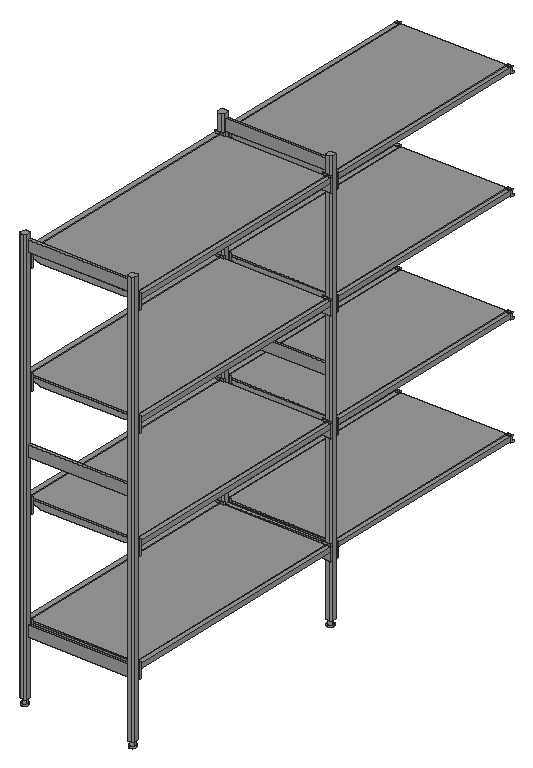
Revit family "QF_ZANUSSI_137083_CLS1928", category Attrezzature speciali, Revit 2020
Family settings
  Quota connettore circolare = Usa diametro
  Tipo di parte = Normale
  Basato su piano di lavoro = No
  Sempre verticale = Sì
  Taglio con vuoti quando caricato = No
  Condiviso = No
  Punto di calcolo locali = No
Parameters (values of type "Standard")
  Weight = 35.00 kg
  Watts = 0 W
  Volts = 0 V
  URL Manufacturer = "http://www.zanussiprofessional.com"
  URL = "http://www.zanussiprofessional.com"
  Steam Supply Size = 0 mm
  Steam Supply Minimum Pressure = 0.0 Pa
  Steam Supply Maximum Pressure = 0.0 Pa
  Steam Consumption per Hour = 0
  Refrigeration Suction Line Size = 0.0 mm
  Refrigeration Liquid Line Size = 0.0 mm
  Refrigerant Compressor Remote = yes
  Prospetto di default = 0.0 mm
  Phase = 0
  Modello = "CLS1928"
  Produttore = "Zanussi"
  Length Actual = 1932.0 mm  # constant formula
  Item Number = "137083"
  Hot Water Size = 0 mm
  Height Actual = 1700.0 mm  # constant formula
  HP = "0 HP"
  Gas Size = 0 mm
  Gas KW = 0
  Gas Input Pressure = 0 W
  Direct Waste Size = 0 mm
  Descrizione = "ALUM.CORNER SHELV.-POLY.TIERS-475X1932MM"
  Depth Actual = 475.0 mm  # constant formula
  Cycle = 0 Hz
  Condensate Return Size = 0 mm
  Compressed Air Volume = 0.0 L/s
  Compressed Air Size = 0 mm
  Compressed Air Pressure = 0.0 Pa
  Cold Water Size = 0 mm
  Accessory = yes
Reference planes
  plane 1: z = 0
  plane 2 "CenterLeft": y = -535.5
  plane 3 "FRONT": y = -921.5
  plane 4 "LEFT": x = 192.5
  plane 5 "RIGHT": x = 667.5
  plane 6 "TOP": z = 1700
  plane 7: y = -889.5
  plane 8: y = 84.5
  plane 9 "Center (Left/Back)": x = 430
  plane 10: x = 256
  plane 11: x = 668
  plane 12 "FEET": z = 25
  plane 13: z = 275
  plane 14: z = 725
  plane 15: z = 1175
  plane 16: z = 1625
  plane 17 "CXLeft": y = -907.5
  plane 18 "Center (Front/Back)": y = 102.5
  plane 19 "CYFront": x = 510
  plane 20: y = 1006.5
  plane 21: y = 120.5
  plane 22 "BACK": y = 1010.5
  plane 23 "LEFT_ORIGIN": x = 158.5
  plane 24 "BACK_ORIGIN": y = 1485.5
Forms (mm)
  Extrusion 1, solid, material "QF_Aluminum"
    sketch origin (38.022, -921.5, -4.006) x (-1, 0, 0) y (0, 0, 1)
      loop
        line (-189.5, 1637.003) -> (-173.5, 1637.003) -> (-173.5, 1655) -> (-175.493, 1655) -> (-175.493, 1648.501) -> (-608.5, 1648.501) -> (-608.5, 1655) -> (-610.5, 1655) -> (-610.5, 1637.003) -> (-594.5, 1637.003) -> (-560.5, 1625) -> (-223.5, 1625) -> (-189.5, 1637.003)
      loop
        line (-189.5, 1187.003) -> (-173.5, 1187.003) -> (-173.5, 1205) -> (-175.493, 1205) -> (-175.493, 1198.501) -> (-608.5, 1198.501) -> (-608.5, 1205) -> (-610.5, 1205) -> (-610.5, 1187.003) -> (-594.5, 1187.003) -> (-560.5, 1175) -> (-223.5, 1175) -> (-189.5, 1187.003)
      loop
        line (-189.5, 737.003) -> (-173.5, 737.003) -> (-173.5, 755) -> (-175.493, 755) -> (-175.493, 748.501) -> (-608.5, 748.501) -> (-608.5, 755) -> (-610.5, 755) -> (-610.5, 737.003) -> (-594.5, 737.003) -> (-560.5, 725) -> (-223.5, 725) -> (-189.5, 737.003)
      loop
        line (-189.5, 287.003) -> (-173.5, 287.003) -> (-173.5, 305) -> (-175.493, 305) -> (-175.493, 298.501) -> (-608.5, 298.501) -> (-608.5, 305) -> (-610.5, 305) -> (-610.5, 287.003) -> (-594.5, 287.003) -> (-560.5, 275) -> (-223.5, 275) -> (-189.5, 287.003)
    from 37 to 32
  Extrusion 2, solid, material "QF_Aluminum"
    sketch origin (38.022, -921.5, 0) x (-1, 0, 0) y (0, 0, 1)
      loop
        line (-154.478, 246.005) -> (-154.478, 307.993) -> (-190.471, 307.993) -> (-190.471, 246.005) -> (-154.478, 246.005)
      loop
        line (-593.484, 246.005) -> (-593.484, 307.993) -> (-629.478, 307.993) -> (-629.478, 246.005) -> (-593.484, 246.005)
      loop
        line (-154.478, 696.005) -> (-154.478, 757.993) -> (-190.471, 757.993) -> (-190.471, 696.005) -> (-154.478, 696.005)
      loop
        line (-593.484, 696.005) -> (-593.484, 757.993) -> (-629.478, 757.993) -> (-629.478, 696.005) -> (-593.484, 696.005)
      loop
        line (-154.478, 1146.005) -> (-154.478, 1207.993) -> (-190.471, 1207.993) -> (-190.471, 1146.005) -> (-154.478, 1146.005)
      loop
        line (-593.484, 1146.005) -> (-593.484, 1207.993) -> (-629.478, 1207.993) -> (-629.478, 1146.005) -> (-593.484, 1146.005)
      loop
        line (-154.478, 1596.005) -> (-154.478, 1657.993) -> (-190.471, 1657.993) -> (-190.471, 1596.005) -> (-154.478, 1596.005)
      loop
        line (-593.484, 1596.005) -> (-593.484, 1657.993) -> (-629.478, 1657.993) -> (-629.478, 1596.005) -> (-593.484, 1596.005)
    from 28 to 32
  Extrusion 3, solid, material "QF_Aluminum"
    sketch origin (38.022, -921.5, 0) x (-1, 0, 0) y (0, 0, 1)
      loop
        line (-154.5, 1650.994) -> (-173.5, 1650.994) -> (-173.5, 1632.998) -> (-154.5, 1632.998) -> (-154.5, 1650.994)
      loop
        line (-154.5, 1200.994) -> (-173.5, 1200.994) -> (-173.5, 1182.998) -> (-154.5, 1182.998) -> (-154.5, 1200.994)
      loop
        line (-154.5, 750.994) -> (-173.5, 750.994) -> (-173.5, 732.998) -> (-154.5, 732.998) -> (-154.5, 750.994)
      loop
        line (-154.5, 300.994) -> (-173.5, 300.994) -> (-173.5, 282.998) -> (-154.5, 282.998) -> (-154.5, 300.994)
      loop
        line (-629.455, 1650.994) -> (-629.455, 1632.998) -> (-610.455, 1632.998) -> (-610.455, 1650.994) -> (-629.455, 1650.994)
      loop
        line (-629.455, 1200.994) -> (-629.455, 1182.998) -> (-610.455, 1182.998) -> (-610.455, 1200.994) -> (-629.455, 1200.994)
      loop
        line (-629.455, 750.994) -> (-629.455, 732.998) -> (-610.455, 732.998) -> (-610.455, 750.994) -> (-629.455, 750.994)
      loop
        line (-629.455, 300.994) -> (-629.455, 282.998) -> (-610.455, 282.998) -> (-610.455, 300.994) -> (-629.455, 300.994)
    from 32 to 1006
  Extrusion 4, solid, material "QF_Polyethylene"
    sketch origin (38.022, -921.5, 0) x (-1, 0, 0) y (0, 0, 1)
      loop
        line (-175.493, 1650.994) -> (-608.5, 1650.994) -> (-608.5, 1644.496) -> (-175.493, 1644.496) -> (-175.493, 1650.994)
      loop
        line (-175.493, 1200.994) -> (-608.5, 1200.994) -> (-608.5, 1194.496) -> (-175.493, 1194.496) -> (-175.493, 1200.994)
      loop
        line (-175.493, 750.994) -> (-608.5, 750.994) -> (-608.5, 744.496) -> (-175.493, 744.496) -> (-175.493, 750.994)
      loop
        line (-175.493, 300.994) -> (-608.5, 300.994) -> (-608.5, 294.496) -> (-175.493, 294.496) -> (-175.493, 300.994)
    from 32 to 1006
  Extrusion 5, solid, material "QF_Aluminum"
    sketch origin (38.022, 684.5, 0) x (-1, 0, 0) y (0, 0, 1)
      loop
        line (-154.5, 1650.994) -> (-173.5, 1650.994) -> (-173.5, 1632.998) -> (-154.5, 1632.998) -> (-154.5, 1650.994)
      loop
        line (-610.455, 1650.994) -> (-629.455, 1650.994) -> (-629.455, 1632.998) -> (-610.455, 1632.998) -> (-610.455, 1650.994)
      loop
        line (-154.5, 1200.994) -> (-173.5, 1200.994) -> (-173.5, 1182.998) -> (-154.5, 1182.998) -> (-154.5, 1200.994)
      loop
        line (-610.455, 1200.994) -> (-629.455, 1200.994) -> (-629.455, 1182.998) -> (-610.455, 1182.998) -> (-610.455, 1200.994)
      loop
        line (-154.5, 750.994) -> (-173.5, 750.994) -> (-173.5, 732.998) -> (-154.5, 732.998) -> (-154.5, 750.994)
      loop
        line (-610.455, 750.994) -> (-629.455, 750.994) -> (-629.455, 732.998) -> (-610.455, 732.998) -> (-610.455, 750.994)
      loop
        line (-154.5, 300.994) -> (-173.5, 300.994) -> (-173.5, 282.998) -> (-154.5, 282.998) -> (-154.5, 300.994)
      loop
        line (-610.455, 300.994) -> (-629.455, 300.994) -> (-629.455, 282.998) -> (-610.455, 282.998) -> (-610.455, 300.994)
    from 322 to -564
  Extrusion 6, solid, material "QF_Polyethylene"
    sketch origin (38.022, 684.5, 0) x (-1, 0, 0) y (0, 0, 1)
      loop
        line (-175.493, 1650.994) -> (-608.5, 1650.994) -> (-608.5, 1644.496) -> (-175.493, 1644.496) -> (-175.493, 1650.994)
      loop
        line (-175.493, 1200.994) -> (-608.5, 1200.994) -> (-608.5, 1194.496) -> (-175.493, 1194.496) -> (-175.493, 1200.994)
      loop
        line (-175.493, 750.994) -> (-608.5, 750.994) -> (-608.5, 744.496) -> (-175.493, 744.496) -> (-175.493, 750.994)
      loop
        line (-175.493, 300.994) -> (-608.5, 300.994) -> (-608.5, 294.496) -> (-175.493, 294.496) -> (-175.493, 300.994)
    from 322 to -564
Lines and regions (mm)
  symbolic lines
    curve 1: line (256, -912.5, 1700) -> (668, -912.5, 1700)
    curve 2: line (668, -902.5, 1700) -> (256, -902.5, 1700)
    curve 3: line (192.5, -893.5, 1700) -> (192.5, 88.5, 1700)
    curve 4: line (667.5, -889.5, 1700) -> (667.5, 84.5, 1700)
    curve 5: line (192.5, 116.5, 1700) -> (192.5, 1010.5, 1700)
    curve 6: line (667.5, 116.5, 1700) -> (667.5, 1010.5, 1700)
    curve 7: line (648.478, 84.5, 1700) -> (648.478, -889.5, 1700)
    curve 8: line (211.522, -889.5, 1700) -> (211.522, 84.5, 1700)
    curve 9: line (211.522, 120.5, 1700) -> (211.522, 1006.5, 1700)
    curve 10: line (648.478, 1006.5, 1700) -> (648.478, 120.5, 1700)
Dimensions and locks
  plane 3 "FRONT" to plane 2 "CenterLeft" = 386.0 mm
  locked: plane 6 "TOP" to level at 1700
  locked: plane 7 to plane 8 at 974
  locked: plane 10 to plane 11 at 412
  plane 10 to plane 9 "Center (Left/Back)" to plane 11 = 174.0 mm, 238.0 mm
  equal spacing: plane 4 "LEFT", plane 9 "Center (Left/Back)", plane 5 "RIGHT"
  plane 12 "FEET" to level = 25.0 mm
  plane 6 "TOP" to plane 12 "FEET" = 1675.0 mm
  plane 13 to plane 12 "FEET" = 250.0 mm
  plane 14 to plane 13 = 450.0 mm
  plane 15 to plane 14 = 450.0 mm
  plane 16 to plane 15 = 450.0 mm
  locked: plane 21 to plane 20 at 886
  locked: plane 8 to plane 18 "Center (Front/Back)" at 18
  locked: plane 18 "Center (Front/Back)" to plane 21 at 18
  locked: plane 3 "FRONT" to plane 7 at 32
  locked: plane 4 "LEFT" to plane 5 "RIGHT" at 475
  locked: plane 23 "LEFT_ORIGIN" to plane 5 "RIGHT" at 509
  locked: plane 22 "BACK" to plane 24 "BACK_ORIGIN" at 475
  locked: plane 22 "BACK" to plane 3 "FRONT" at 1932
  aligned and locked: level to plane 1
  aligned and locked: Extrusion 1 to plane 7
  aligned and locked: plane 7 to Extrusion 2
  aligned and locked: Extrusion 4 to plane 7
  aligned and locked: plane 8 to Extrusion 4
  aligned and locked: Extrusion 3 to plane 7
  aligned and locked: plane 8 to Extrusion 3
  aligned and locked: Extrusion 1 sketch curve to Extrusion 1 sketch curve  (x3)
  aligned and locked: Extrusion 5 sketch curve to Extrusion 5 sketch curve  (x2)
  aligned and locked: Extrusion 5 to plane 21  (x5)
  aligned and locked: Extrusion 6 to plane 21  (x5)
  aligned and locked: nested 2 to plane 18 "Center (Front/Back)"
  aligned and locked: plane 17 "CXLeft" to nested 1
  aligned and locked: plane 7 to Extrusion 3  (x3)
  aligned and locked: Extrusion 3 to plane 8  (x4)
  aligned and locked: Extrusion 4 to plane 8  (x4)
  aligned and locked: plane 20 to Extrusion 5
  aligned and locked: plane 20 to Extrusion 6
  aligned and locked: Extrusion 5 to plane 20  (x3)
  aligned and locked: Extrusion 6 to plane 20  (x3)
  aligned and locked: plane 9 "Center (Left/Back)" to nested 2
  aligned and locked: nested 3 to plane 22 "BACK"
Automatic sketch dimensions
  Extrusion 1 sketch curve to plane 19 "CYFront" = 138.522 mm  (x4)
  plane 11 to Extrusion 1 sketch curve = 35.478 mm  (x4)
  Extrusion 1 sketch curve to plane 13 = 4.006 mm
  Extrusion 1 sketch curve to Extrusion 1 sketch curve = 34.0 mm  (x4)
  Extrusion 1 sketch curve to plane 14 = 4.006 mm
  Extrusion 1 sketch curve to plane 15 = 4.006 mm
  Extrusion 1 sketch curve to plane 16 = 4.006 mm
  Extrusion 1 sketch curve to plane 10 = 5.522 mm  (x4)
  plane 10 to Extrusion 1 sketch curve = 28.478 mm  (x4)
  plane 13 to Extrusion 1 sketch curve = 7.998 mm  (x2)
  Extrusion 1 sketch curve to Extrusion 1 sketch curve = 11.498 mm  (x4)
  Extrusion 1 sketch curve to Extrusion 1 sketch curve = 6.499 mm  (x8)
  plane 14 to Extrusion 1 sketch curve = 7.998 mm  (x2)
  plane 15 to Extrusion 1 sketch curve = 7.998 mm  (x2)
  plane 16 to Extrusion 1 sketch curve = 7.998 mm  (x2)
  plane 5 "RIGHT" to Extrusion 2 sketch curve = 35.993 mm  (x4)
  Extrusion 2 sketch curve to plane 4 "LEFT" = 0.0 mm  (x4)
  plane 11 to Extrusion 2 sketch curve = 0.5 mm  (x4)
  plane 10 to Extrusion 2 sketch curve = 27.507 mm  (x4)
  Extrusion 2 sketch curve to plane 13 = 28.995 mm  (x2)
  plane 13 to Extrusion 2 sketch curve = 32.993 mm  (x2)
  Extrusion 2 sketch curve to plane 14 = 28.995 mm  (x2)
  plane 14 to Extrusion 2 sketch curve = 32.993 mm  (x2)
  Extrusion 2 sketch curve to plane 15 = 28.995 mm  (x2)
  plane 15 to Extrusion 2 sketch curve = 32.993 mm  (x2)
  Extrusion 2 sketch curve to plane 16 = 28.995 mm  (x2)
  plane 16 to Extrusion 2 sketch curve = 32.993 mm  (x2)
  plane 13 to Extrusion 4 sketch curve = 19.496 mm
  Extrusion 4 sketch curve to Extrusion 4 sketch curve = 6.499 mm  (x4)
  plane 14 to Extrusion 4 sketch curve = 19.496 mm
  plane 15 to Extrusion 4 sketch curve = 19.496 mm
  plane 16 to Extrusion 4 sketch curve = 19.496 mm
  plane 5 "RIGHT" to Extrusion 5 sketch curve = 0.022 mm  (x4)
  Extrusion 5 sketch curve to plane 4 "LEFT" = 19.022 mm  (x4)
  Extrusion 5 sketch curve to plane 19 "CYFront" = 138.478 mm  (x2)
  plane 13 to Extrusion 5 sketch curve = 7.998 mm  (x2)
  Extrusion 5 sketch curve to Extrusion 5 sketch curve = 17.997 mm  (x8)
  plane 14 to Extrusion 5 sketch curve = 7.998 mm  (x2)
  plane 15 to Extrusion 5 sketch curve = 7.998 mm  (x2)
  plane 16 to Extrusion 5 sketch curve = 7.998 mm  (x2)
  Extrusion 6 sketch curve to plane 19 "CYFront" = 136.522 mm  (x4)
  plane 13 to Extrusion 6 sketch curve = 19.496 mm
  Extrusion 6 sketch curve to Extrusion 6 sketch curve = 6.499 mm  (x4)
  plane 14 to Extrusion 6 sketch curve = 19.496 mm
  plane 15 to Extrusion 6 sketch curve = 19.496 mm
  plane 16 to Extrusion 6 sketch curve = 19.496 mm
  plane 5 "RIGHT" to Extrusion 3 sketch curve = 0.022 mm  (x4)
  Extrusion 3 sketch curve to Extrusion 3 sketch curve = 19.0 mm  (x4)
  plane 14 to Extrusion 3 sketch curve = 7.998 mm  (x2)
  plane 10 to Extrusion 3 sketch curve = 44.478 mm  (x4)
  Extrusion 3 sketch curve to plane 4 "LEFT" = 0.022 mm  (x4)
  plane 13 to Extrusion 3 sketch curve = 25.994 mm  (x2)
  plane 13 to Extrusion 3 sketch curve = 7.998 mm  (x2)
  Extrusion 3 sketch curve to Extrusion 3 sketch curve = 17.997 mm  (x6)
  plane 15 to Extrusion 3 sketch curve = 7.998 mm  (x2)
  plane 16 to Extrusion 3 sketch curve = 7.998 mm  (x2)
  plane 10 to Extrusion 1 sketch curve = 42.484 mm  (x4)
  plane 10 to Extrusion 1 sketch curve = 44.478 mm  (x2)
  Extrusion 1 sketch curve to Extrusion 1 sketch curve = 1.993 mm  (x2)
  plane 10 to Extrusion 4 sketch curve = 42.484 mm  (x4)
  Extrusion 5 sketch curve to plane 4 "LEFT" = 0.022 mm  (x4)
  plane 10 to Extrusion 6 sketch curve = 42.484 mm  (x4)
  Extrusion 1 sketch curve to Extrusion 1 sketch curve = 2.0 mm
  plane 5 "RIGHT" to Extrusion 4 sketch curve = 20.978 mm  (x4)
  curve 1 to plane 11 = 0.0 mm
  curve 1 to plane 10 = 0.0 mm
  curve 2 to plane 10 = 0.0 mm
  curve 2 to plane 11 = 0.0 mm
  curve 3 to plane 4 "LEFT" = 0.0 mm
  curve 4 to plane 5 "RIGHT" = 0.0 mm
  plane 7 to curve 4 = 0.0 mm
  plane 7 to curve 8 = 0.0 mm
  plane 8 to curve 8 = 0.0 mm
  plane 8 to curve 7 = 0.0 mm
  plane 8 to curve 4 = 0.0 mm
  curve 5 to plane 4 "LEFT" = 0.0 mm
  curve 6 to plane 5 "RIGHT" = 0.0 mm
  plane 20 to curve 9 = 0.0 mm
  plane 22 "BACK" to curve 5 = 0.0 mm
  plane 22 "BACK" to curve 6 = 0.0 mm
  plane 7 to curve 3 = 4.0 mm
  plane 17 "CXLeft" to curve 2 = 5.0 mm
  curve 1 to plane 17 "CXLeft" = 5.0 mm
  curve 3 to plane 8 = 4.0 mm
  curve 6 to plane 21 = 4.0 mm
  curve 9 to plane 4 "LEFT" = 19.022 mm
  curve 8 to plane 4 "LEFT" = 19.022 mm
  curve 9 to plane 21 = 0.0 mm
  plane 21 to curve 10 = 0.0 mm
  curve 5 to plane 21 = 4.0 mm
  plane 7 to curve 7 = 0.0 mm
  curve 4 to curve 7 = 19.022 mm
  plane 20 to curve 10 = 0.0 mm
  plane 5 "RIGHT" to curve 10 = 19.022 mm
Nested families
  nested 1: "WT_Anta475" at (215.5, -504.5, 0) x (0, 1, 0) z (0, 0, 1), type "WT_Anta475"
  nested 2: "WT_Anta475Center" at (215.5, 505.5, 0) x (0, 1, 0) z (0, 0, 1), type "WT_Anta475Center"
  nested 3: "WT_Aggancio475" at (215.5, 1418.5, 0) x (0, 1, 0) z (0, 0, 1), type "WT_Aggancio475"
Definition of nested family "WT_Anta475"
  Parameters
    WidthLeft = A + 64.0 mm  # 772.0 mm
    Width = 1606.0 mm
    Right = WidthLeft / 2  # 386.0 mm
    Default Elevation = 0.0 mm
    Left = -WidthLeft / 2  # -386.0 mm
    Height = 1725.0 mm
    FEET = 25.0 mm
    E = 0.0 mm
    Dint = Depth - 63.0 mm  # 412.0 mm
    Dext = Depth - 8.0 mm  # 467.0 mm
    Depth = 475.0 mm
    DX = (WidthLeft - A) / 2  # 32.0 mm
    B = 798.0 mm
    A = 708.0 mm
  Reference planes
    plane 1: z = 0
    plane 2 "LEFT": x = -417
    plane 3 "BACK": y = 23
    plane 4 "FRONT": y = -452
    plane 5 "TOP": z = 1725
    plane 6 "Center (Front/Back)": y = -214.5
    plane 7: y = -8.5
    plane 8: y = -420.5
    plane 9 "FEET": z = 25
    plane 10: z = 275
    plane 11: z = 725
    plane 12: z = 1175
    plane 13: z = 1625
    plane 14 "CXLeft": x = -403
    plane 15: y = 5.5
    plane 16 "CYBack": y = 5.5
    plane 17 "CYFront": y = -434.5
    plane 18: x = -385.031
    plane 19: x = -380.031
  Forms (mm)
    Extrusion 1, solid
      sketch origin (0, 0, 0) x (1, 0, 0) y (0, 1, 0)
        loop
          line (-417, 13.246) -> (-417, -2.246) -> (-410.746, -8.5) -> (-395.254, -8.5) -> (-389, -2.246) -> (-389, 13.246) -> (-395.254, 19.5) -> (-410.746, 19.5) -> (-417, 13.246)
      from 1725 to 25
    Extrusion 2, solid
      sketch origin (-417, 0, 0) x (0, 1, 0) y (0, 0, 1)
        loop
          line (23, 246.005) -> (23, 307.993) -> (-12.993, 307.993) -> (-12.993, 246.005) -> (23, 246.005)
        loop
          line (-452, 246.005) -> (-416.007, 246.005) -> (-416.007, 307.993) -> (-452, 307.993) -> (-452, 246.005)
        loop
          line (23, 696.005) -> (23, 757.993) -> (-12.993, 757.993) -> (-12.993, 696.005) -> (23, 696.005)
        loop
          line (-452, 696.005) -> (-416.007, 696.005) -> (-416.007, 757.993) -> (-452, 757.993) -> (-452, 696.005)
        loop
          line (23, 1146.005) -> (23, 1207.993) -> (-12.993, 1207.993) -> (-12.993, 1146.005) -> (23, 1146.005)
        loop
          line (-452, 1146.005) -> (-416.007, 1146.005) -> (-416.007, 1207.993) -> (-452, 1207.993) -> (-452, 1146.005)
        loop
          line (23, 1596.005) -> (23, 1657.993) -> (-12.993, 1657.993) -> (-12.993, 1596.005) -> (23, 1596.005)
        loop
          line (-452, 1596.005) -> (-416.007, 1596.005) -> (-416.007, 1657.993) -> (-452, 1657.993) -> (-452, 1596.005)
      from 28 to 32
    Revolve 3, solid
      sketch origin (-403, 0, 0) x (0, 1, 0) y (0, 0, 1)
        loop
          line (5.5, 25) -> (5.5, 0) -> (19, 0) -> (19, 5) -> (14, 5) -> (14, 25) -> (5.5, 25)
        axis (5.5, 25) -> (5.5, 0)
      angle from 0 to 360
    Extrusion 4, solid
      sketch origin (-403, 0, 0) x (0, 1, 0) y (0, 0, 1)
        loop
          line (-8.5, 912.382) -> (-8.5, 957.374) -> (-420.5, 957.374) -> (-420.5, 912.382) -> (-8.5, 912.382)
        loop
          line (-8.5, 1662.244) -> (-8.5, 1707.236) -> (-420.5, 1707.236) -> (-420.5, 1662.244) -> (-8.5, 1662.244)
      from -5 to 5
    Revolve 5, solid
      sketch origin (-403, -627, 0) x (0, -1, 0) y (0, 0, 1)
        loop
          line (-192.5, 25) -> (-192.5, 0) -> (-179, 0) -> (-179, 5) -> (-184, 5) -> (-184, 25) -> (-192.5, 25)
        axis (-192.5, 25) -> (-192.5, 0)
      angle from 0 to 360
    Extrusion 6, solid
      sketch origin (0, -627, 0) x (1, 0, 0) y (0, 1, 0)
        loop
          line (-417, 184.754) -> (-410.746, 178.5) -> (-395.254, 178.5) -> (-389, 184.754) -> (-389, 200.246) -> (-395.254, 206.5) -> (-410.746, 206.5) -> (-417, 200.246) -> (-417, 184.754)
      from 1725 to 25
    Extrusion 7, solid
      sketch origin (-417.031, -0.022, 0) x (0, 1, 0) y (0, 0, -1)
        loop
          line (-12, -1632.998) -> (-46, -1620.994) -> (-383, -1620.994) -> (-417, -1632.998) -> (-433, -1632.998) -> (-433, -1650.994) -> (-431, -1650.994) -> (-431, -1644.496) -> (2.007, -1644.496) -> (2.007, -1650.994) -> (4, -1650.994) -> (4, -1632.998) -> (-12, -1632.998)
        loop
          line (-12, -1182.998) -> (-46, -1170.994) -> (-383, -1170.994) -> (-417, -1182.998) -> (-433, -1182.998) -> (-433, -1200.994) -> (-431, -1200.994) -> (-431, -1194.496) -> (2.007, -1194.496) -> (2.007, -1200.994) -> (4, -1200.994) -> (4, -1182.998) -> (-12, -1182.998)
        loop
          line (-12, -732.998) -> (-46, -720.994) -> (-383, -720.994) -> (-417, -732.998) -> (-433, -732.998) -> (-433, -750.994) -> (-431, -750.994) -> (-431, -744.496) -> (2.007, -744.496) -> (2.007, -750.994) -> (4, -750.994) -> (4, -732.998) -> (-12, -732.998)
        loop
          line (-12, -282.998) -> (-46, -270.994) -> (-383, -270.994) -> (-417, -282.998) -> (-433, -282.998) -> (-433, -300.994) -> (-431, -300.994) -> (-431, -294.496) -> (2.007, -294.496) -> (2.007, -300.994) -> (4, -300.994) -> (4, -282.998) -> (-12, -282.998)
      from -32 to -37
    Extrusion 8, solid
      sketch origin (-403, 0, -659.878) x (0, 1, 0) y (0, 0, 1)
        loop
          line (-8.5, 912.382) -> (-8.5, 957.374) -> (-420.5, 957.374) -> (-420.5, 912.382) -> (-8.5, 912.382)
        loop
          line (-8.5, 1572.382) -> (-8.5, 1617.374) -> (-420.5, 1617.374) -> (-420.5, 1572.382) -> (-8.5, 1572.382)
        loop
          line (-8.5, 2322.382) -> (-8.5, 2367.374) -> (-420.5, 2367.374) -> (-420.5, 2322.382) -> (-8.5, 2322.382)
      from -5 to 5
  Lines and regions (mm)
    symbolic lines
      curve 1: line (-408, -8.5, 1725) -> (-408, -420.5, 1725)
      curve 2: line (-398, -420.5, 1725) -> (-398, -8.5, 1725)
      curve 3: line (-395.254, -8.5, 1725) -> (-410.746, -8.5, 1725)
      curve 4: line (-417, -2.246, 1725) -> (-410.746, -8.5, 1725)
      curve 5: line (-417, 13.246, 1725) -> (-417, -2.246, 1725)
      curve 6: line (-410.746, 19.5, 1725) -> (-417, 13.246, 1725)
      curve 7: line (-395.254, 19.5, 1725) -> (-410.746, 19.5, 1725)
      curve 8: line (-389, 13.246, 1725) -> (-395.254, 19.5, 1725)
      curve 9: line (-395.254, -8.5, 1725) -> (-389, -2.246, 1725)
      curve 10: line (-395.254, -420.5, 1725) -> (-410.746, -420.5, 1725)
      curve 11: line (-417, -426.754, 1725) -> (-410.746, -420.5, 1725)
      curve 12: line (-410.746, -448.5, 1725) -> (-417, -442.246, 1725)
      curve 13: line (-395.254, -448.5, 1725) -> (-410.746, -448.5, 1725)
      curve 14: line (-389, -442.246, 1725) -> (-395.254, -448.5, 1725)
      curve 15: line (-395.254, -420.5, 1725) -> (-389, -426.754, 1725)
      curve 16: line (-389, -452, 1725) -> (-389, -416.007, 1725)
      curve 17: line (-389, -416.007, 1725) -> (-385, -416.007, 1725)
      curve 18: line (-389, 23, 1725) -> (-389, -12.993, 1725)
      curve 19: line (-389, -12.993, 1725) -> (-385, -12.993, 1725)
      curve 20: line (-417, -426.754, 1725) -> (-417, -442.246, 1725)
      curve 21: line (-385, -452, 1725) -> (-385, -416.007, 1725)
      curve 22: line (-385, -452, 1725) -> (-389, -452, 1725)
      curve 23: line (-385, 23, 1725) -> (-389, 23, 1725)
      curve 24: line (-385, -12.993, 1725) -> (-385, 23, 1725)
      curve 25: line (-385.031, -13.016, 1725) -> (-385.031, -416.029, 1725)
  Dimensions and locks
    "Height": plane 5 "TOP" to level
    "Depth": plane 3 "BACK" to plane 4 "FRONT"
    "Dint": plane 7 to plane 8
    equal spacing: plane 7, plane 6 "Center (Front/Back)", plane 8
    equal spacing: plane 3 "BACK", plane 6 "Center (Front/Back)", plane 4 "FRONT"
    plane 9 "FEET" to level = 25.0 mm
    plane 5 "TOP" to plane 9 "FEET" = 1700.0 mm
    plane 10 to plane 9 "FEET" = 250.0 mm
    plane 11 to plane 10 = 450.0 mm
    plane 12 to plane 11 = 450.0 mm
    plane 13 to plane 12 = 450.0 mm
    locked: plane 2 "LEFT" to plane 14 "CXLeft" at 14
    locked: plane 3 "BACK" to plane 16 "CYBack" at 17.5
    locked: plane 17 "CYFront" to plane 4 "FRONT" at 17.5
    locked: Revolve 3 sketch curve to Revolve 3 sketch curve at 8.5
    locked: Revolve 3 sketch curve to plane 16 "CYBack" at 13.5
    locked: Revolve 5 sketch curve to Revolve 5 sketch curve at 8.5
    aligned and locked: level to plane 1
    aligned and locked: curve 20 to Extrusion 6
    aligned and locked: plane 5 "TOP" to Extrusion 1
    aligned and locked: plane 5 "TOP" to Extrusion 6
    aligned and locked: Extrusion 7 sketch curve to Extrusion 7 sketch curve  (x3)
  Automatic sketch dimensions
    curve 16 to plane 4 "FRONT" = 0.0 mm
    curve 11 to plane 8 = 0.0 mm
    curve 9 to plane 7 = 0.0 mm
    curve 5 to plane 2 "LEFT" = 0.0 mm
    curve 23 to plane 3 "BACK" = 0.0 mm
    plane 4 "FRONT" to curve 13 = 3.5 mm
    curve 20 to plane 17 "CYFront" = 7.746 mm
    curve 20 to plane 8 = 6.254 mm
    plane 8 to curve 16 = 4.493 mm
    curve 24 to plane 18 = 0.031 mm
    curve 24 to plane 7 = 4.493 mm
    plane 7 to curve 5 = 6.254 mm
    curve 5 to plane 15 = 7.746 mm
    curve 6 to plane 3 "BACK" = 3.5 mm
    curve 21 to plane 18 = 0.031 mm
    plane 18 to curve 23 = 3.969 mm
    plane 18 to curve 16 = 3.969 mm
    curve 18 to curve 8 = 6.254 mm
    curve 18 to curve 3 = 6.254 mm
    curve 16 to curve 13 = 6.254 mm
    curve 16 to curve 15 = 6.254 mm
    plane 2 "LEFT" to curve 10 = 6.254 mm
    plane 2 "LEFT" to curve 7 = 6.254 mm
    plane 2 "LEFT" to curve 12 = 6.254 mm
    plane 2 "LEFT" to curve 3 = 6.254 mm
    curve 14 to plane 17 "CYFront" = 7.746 mm
    curve 15 to plane 8 = 6.254 mm
    plane 7 to curve 9 = 6.254 mm
    curve 8 to plane 15 = 7.746 mm
    curve 3 to curve 2 = 2.746 mm
    curve 1 to curve 10 = 2.746 mm
    Extrusion 1 sketch curve to plane 2 "LEFT" = 0.0 mm
    Extrusion 1 sketch curve to plane 7 = 0.0 mm
    plane 2 "LEFT" to Extrusion 1 sketch curve = 6.254 mm  (x2)
    plane 14 "CXLeft" to Extrusion 1 sketch curve = 7.746 mm  (x2)
    Extrusion 1 sketch curve to plane 3 "BACK" = 3.5 mm
    plane 18 to Extrusion 1 sketch curve = 3.969 mm
    plane 7 to Extrusion 1 sketch curve = 6.254 mm  (x2)
    Extrusion 1 sketch curve to plane 15 = 7.746 mm  (x2)
    Extrusion 2 sketch curve to plane 4 "FRONT" = 0.0 mm  (x4)
    Extrusion 2 sketch curve to plane 3 "BACK" = 0.0 mm  (x4)
    plane 8 to Extrusion 2 sketch curve = 4.493 mm  (x4)
    Extrusion 2 sketch curve to plane 7 = 4.493 mm  (x4)
    Extrusion 2 sketch curve to plane 10 = 28.995 mm  (x2)
    plane 10 to Extrusion 2 sketch curve = 32.993 mm  (x2)
    Extrusion 2 sketch curve to plane 11 = 28.995 mm  (x2)
    plane 11 to Extrusion 2 sketch curve = 32.993 mm  (x2)
    Extrusion 2 sketch curve to plane 12 = 28.995 mm  (x2)
    plane 12 to Extrusion 2 sketch curve = 32.993 mm  (x2)
    Extrusion 2 sketch curve to plane 13 = 28.995 mm  (x2)
    plane 13 to Extrusion 2 sketch curve = 32.993 mm  (x2)
    Revolve 3 sketch curve to plane 9 "FEET" = 0.0 mm  (x2)
    Revolve 3 sketch curve to plane 15 = 0.0 mm  (x2)
    Revolve 3 sketch curve to level = 0.0 mm
    level to Revolve 3 sketch curve = 5.0 mm
    Revolve 3 sketch curve to Revolve 3 sketch curve = 11.655 mm
    Extrusion 4 sketch curve to plane 8 = 0.0 mm  (x2)
    Extrusion 4 sketch curve to plane 7 = 0.0 mm  (x2)
    plane 11 to Extrusion 4 sketch curve = 187.382 mm
    Extrusion 4 sketch curve to Extrusion 4 sketch curve = 44.992 mm
    plane 13 to Extrusion 4 sketch curve = 37.244 mm
    Extrusion 4 sketch curve to plane 5 "TOP" = 17.764 mm
    Revolve 5 sketch curve to plane 9 "FEET" = 0.0 mm  (x2)
    Revolve 5 sketch curve to plane 17 "CYFront" = 0.0 mm  (x2)
    Revolve 5 sketch curve to level = 0.0 mm
    Revolve 5 sketch curve to plane 4 "FRONT" = 4.0 mm
    Revolve 5 sketch curve to Revolve 5 sketch curve = 5.0 mm
    level to Revolve 5 sketch curve = 11.655 mm
    Extrusion 6 sketch curve to plane 2 "LEFT" = 0.0 mm
    Extrusion 6 sketch curve to plane 8 = 0.0 mm
    Extrusion 6 sketch curve to plane 2 "LEFT" = 6.254 mm  (x2)
    Extrusion 6 sketch curve to plane 14 "CXLeft" = 7.746 mm  (x2)
    Extrusion 6 sketch curve to plane 4 "FRONT" = 3.5 mm
    Extrusion 6 sketch curve to plane 18 = 3.969 mm
    plane 8 to Extrusion 6 sketch curve = 6.254 mm  (x2)
    plane 17 "CYFront" to Extrusion 6 sketch curve = 7.746 mm  (x2)
    plane 17 "CYFront" to Extrusion 7 sketch curve = 1.478 mm  (x4)
    Extrusion 7 sketch curve to Extrusion 7 sketch curve = 2.0 mm
    plane 8 to Extrusion 7 sketch curve = 3.478 mm  (x4)
    Extrusion 7 sketch curve to plane 10 = 4.006 mm
    Extrusion 7 sketch curve to Extrusion 7 sketch curve = 34.0 mm  (x4)
    Extrusion 7 sketch curve to plane 11 = 4.006 mm
    Extrusion 7 sketch curve to plane 12 = 4.006 mm
    Extrusion 7 sketch curve to plane 13 = 4.006 mm
    Extrusion 7 sketch curve to plane 7 = 37.522 mm  (x4)
    Extrusion 7 sketch curve to plane 7 = 3.522 mm  (x4)
    plane 15 to Extrusion 7 sketch curve = 3.516 mm  (x4)
    plane 15 to Extrusion 7 sketch curve = 1.522 mm  (x4)
    plane 13 to Extrusion 7 sketch curve = 7.998 mm  (x2)
    Extrusion 7 sketch curve to Extrusion 7 sketch curve = 11.498 mm
    Extrusion 7 sketch curve to Extrusion 7 sketch curve = 6.499 mm  (x5)
    plane 12 to Extrusion 7 sketch curve = 25.994 mm  (x2)
    plane 12 to Extrusion 7 sketch curve = 7.998 mm  (x2)
    plane 11 to Extrusion 7 sketch curve = 25.994 mm  (x2)
    plane 11 to Extrusion 7 sketch curve = 7.998 mm  (x2)
    plane 10 to Extrusion 7 sketch curve = 25.994 mm  (x2)
    plane 10 to Extrusion 7 sketch curve = 7.998 mm  (x2)
    curve 25 to plane 18 = 0.0 mm
    plane 8 to curve 25 = 4.471 mm
    curve 25 to plane 7 = 4.516 mm
    Extrusion 8 sketch curve to plane 8 = 0.0 mm  (x3)
    Extrusion 8 sketch curve to plane 7 = 0.0 mm  (x3)
    Extrusion 8 sketch curve to plane 10 = 22.496 mm
    plane 10 to Extrusion 8 sketch curve = 22.496 mm
    plane 11 to Extrusion 8 sketch curve = 187.504 mm
    Extrusion 8 sketch curve to Extrusion 8 sketch curve = 44.992 mm
    plane 13 to Extrusion 8 sketch curve = 37.504 mm
    Extrusion 8 sketch curve to plane 5 "TOP" = 17.504 mm
Definition of nested family "WT_Anta475Center"
  Parameters
    WidthLeft = A + 64.0 mm  # 772.0 mm
    Width = 1606.0 mm
    Right = WidthLeft / 2  # 386.0 mm
    Default Elevation = 0.0 mm
    Left = -WidthLeft / 2  # -386.0 mm
    Height = 1725.0 mm
    FEET = 25.0 mm
    E = 0.0 mm
    Dint = Depth - 63.0 mm  # 412.0 mm
    Dext = Depth - 8.0 mm  # 467.0 mm
    Depth = 475.0 mm
    DX = (WidthLeft - A) / 2  # 32.0 mm
    B = 798.0 mm
    A = 708.0 mm
  Reference planes
    plane 1: z = 0
    plane 2 "L": x = -417
    plane 3 "BACK": y = 23
    plane 4 "FRONT": y = -452
    plane 5 "TOP": z = 1725
    plane 6 "Center (Front/Back)": y = -214.5
    plane 7: y = -8.5
    plane 8: y = -420.5
    plane 9 "FEET": z = 25
    plane 10: z = 275
    plane 11: z = 725
    plane 12: z = 1175
    plane 13: z = 1625
    plane 14 "CXLeft": x = -403
    plane 15: y = 5.5
    plane 16 "CYBack": y = 5.5
    plane 17 "CYFront": y = -434.5
    plane 18: x = -385.031
    plane 19 "RIGHT": x = -380.031
    plane 20: x = -420.969
    plane 21 "LEFT": x = -425.969
  Forms (mm)
    Extrusion 1, solid
      sketch origin (0, 0, 0) x (1, 0, 0) y (0, 1, 0)
        loop
          line (-417, 13.246) -> (-417, -2.246) -> (-410.746, -8.5) -> (-395.254, -8.5) -> (-389, -2.246) -> (-389, 13.246) -> (-395.254, 19.5) -> (-410.746, 19.5) -> (-417, 13.246)
      from 1725 to 25
    Extrusion 2, solid
      sketch origin (-417, 0, 0) x (0, 1, 0) y (0, 0, 1)
        loop
          line (23, 246.005) -> (23, 307.993) -> (-12.993, 307.993) -> (-12.993, 246.005) -> (23, 246.005)
        loop
          line (-452, 246.005) -> (-416.007, 246.005) -> (-416.007, 307.993) -> (-452, 307.993) -> (-452, 246.005)
        loop
          line (23, 696.005) -> (23, 757.993) -> (-12.993, 757.993) -> (-12.993, 696.005) -> (23, 696.005)
        loop
          line (-452, 696.005) -> (-416.007, 696.005) -> (-416.007, 757.993) -> (-452, 757.993) -> (-452, 696.005)
        loop
          line (23, 1146.005) -> (23, 1207.993) -> (-12.993, 1207.993) -> (-12.993, 1146.005) -> (23, 1146.005)
        loop
          line (-452, 1146.005) -> (-416.007, 1146.005) -> (-416.007, 1207.993) -> (-452, 1207.993) -> (-452, 1146.005)
        loop
          line (23, 1596.005) -> (23, 1657.993) -> (-12.993, 1657.993) -> (-12.993, 1596.005) -> (23, 1596.005)
        loop
          line (-452, 1596.005) -> (-416.007, 1596.005) -> (-416.007, 1657.993) -> (-452, 1657.993) -> (-452, 1596.005)
      from 28 to 32
    Revolve 3, solid
      sketch origin (-403, 0, 0) x (0, 1, 0) y (0, 0, 1)
        loop
          line (5.5, 25) -> (5.5, 0) -> (19, 0) -> (19, 5) -> (14, 5) -> (14, 25) -> (5.5, 25)
        axis (5.5, 25) -> (5.5, 0)
      angle from 0 to 360
    Extrusion 4, solid
      sketch origin (-403, 0, 0) x (0, 1, 0) y (0, 0, 1)
        loop
          line (-8.5, 912.382) -> (-8.5, 957.374) -> (-420.5, 957.374) -> (-420.5, 912.382) -> (-8.5, 912.382)
        loop
          line (-8.5, 1662.244) -> (-8.5, 1707.236) -> (-420.5, 1707.236) -> (-420.5, 1662.244) -> (-8.5, 1662.244)
      from -5 to 5
    Revolve 5, solid
      sketch origin (-403, -627, 0) x (0, -1, 0) y (0, 0, 1)
        loop
          line (-192.5, 25) -> (-192.5, 0) -> (-179, 0) -> (-179, 5) -> (-184, 5) -> (-184, 25) -> (-192.5, 25)
        axis (-192.5, 25) -> (-192.5, 0)
      angle from 0 to 360
    Extrusion 6, solid
      sketch origin (0, -627, 0) x (1, 0, 0) y (0, 1, 0)
        loop
          line (-417, 184.754) -> (-410.746, 178.5) -> (-395.254, 178.5) -> (-389, 184.754) -> (-389, 200.246) -> (-395.254, 206.5) -> (-410.746, 206.5) -> (-417, 200.246) -> (-417, 184.754)
      from 1725 to 25
    Extrusion 7, solid
      sketch origin (-417.031, -0.022, 0) x (0, 1, 0) y (0, 0, -1)
        loop
          line (-12, -1632.998) -> (-46, -1620.994) -> (-383, -1620.994) -> (-417, -1632.998) -> (-433, -1632.998) -> (-433, -1650.994) -> (-431, -1650.994) -> (-431, -1644.496) -> (2.007, -1644.496) -> (2.007, -1650.994) -> (4, -1650.994) -> (4, -1632.998) -> (-12, -1632.998)
        loop
          line (-12, -1182.998) -> (-46, -1170.994) -> (-383, -1170.994) -> (-417, -1182.998) -> (-433, -1182.998) -> (-433, -1200.994) -> (-431, -1200.994) -> (-431, -1194.496) -> (2.007, -1194.496) -> (2.007, -1200.994) -> (4, -1200.994) -> (4, -1182.998) -> (-12, -1182.998)
        loop
          line (-12, -732.998) -> (-46, -720.994) -> (-383, -720.994) -> (-417, -732.998) -> (-433, -732.998) -> (-433, -750.994) -> (-431, -750.994) -> (-431, -744.496) -> (2.007, -744.496) -> (2.007, -750.994) -> (4, -750.994) -> (4, -732.998) -> (-12, -732.998)
        loop
          line (-12, -282.998) -> (-46, -270.994) -> (-383, -270.994) -> (-417, -282.998) -> (-433, -282.998) -> (-433, -300.994) -> (-431, -300.994) -> (-431, -294.496) -> (2.007, -294.496) -> (2.007, -300.994) -> (4, -300.994) -> (4, -282.998) -> (-12, -282.998)
      from -32 to -37
    Extrusion 8, solid
      sketch origin (-403, 0, -659.878) x (0, 1, 0) y (0, 0, 1)
        loop
          line (-8.5, 912.382) -> (-8.5, 957.374) -> (-420.5, 957.374) -> (-420.5, 912.382) -> (-8.5, 912.382)
        loop
          line (-8.5, 1572.382) -> (-8.5, 1617.374) -> (-420.5, 1617.374) -> (-420.5, 1572.382) -> (-8.5, 1572.382)
        loop
          line (-8.5, 2322.382) -> (-8.5, 2367.374) -> (-420.5, 2367.374) -> (-420.5, 2322.382) -> (-8.5, 2322.382)
      from -5 to 5
    Extrusion 9, solid
      sketch origin (-389, 0, 0) x (0, 1, 0) y (0, 0, -1)
        loop
          line (23, -246.005) -> (-12.993, -246.005) -> (-12.993, -307.993) -> (23, -307.993) -> (23, -246.005)
        loop
          line (-452, -246.005) -> (-452, -307.993) -> (-416.007, -307.993) -> (-416.007, -246.005) -> (-452, -246.005)
        loop
          line (23, -696.005) -> (-12.993, -696.005) -> (-12.993, -757.993) -> (23, -757.993) -> (23, -696.005)
        loop
          line (-452, -696.005) -> (-452, -757.993) -> (-416.007, -757.993) -> (-416.007, -696.005) -> (-452, -696.005)
        loop
          line (23, -1146.005) -> (-12.993, -1146.005) -> (-12.993, -1207.993) -> (23, -1207.993) -> (23, -1146.005)
        loop
          line (-452, -1146.005) -> (-452, -1207.993) -> (-416.007, -1207.993) -> (-416.007, -1146.005) -> (-452, -1146.005)
        loop
          line (23, -1596.005) -> (-12.993, -1596.005) -> (-12.993, -1657.993) -> (23, -1657.993) -> (23, -1596.005)
        loop
          line (-452, -1596.005) -> (-452, -1657.993) -> (-416.007, -1657.993) -> (-416.007, -1596.005) -> (-452, -1596.005)
      from 28 to 32
    Extrusion 10, solid
      sketch origin (-388.969, -0.022, 0) x (0, 1, 0) y (0, 0, 1)
        loop
          line (-12, 1632.998) -> (4, 1632.998) -> (4, 1650.994) -> (2.007, 1650.994) -> (2.007, 1644.496) -> (-431, 1644.496) -> (-431, 1650.994) -> (-433, 1650.994) -> (-433, 1632.998) -> (-417, 1632.998) -> (-383, 1620.994) -> (-46, 1620.994) -> (-12, 1632.998)
        loop
          line (-12, 1182.998) -> (4, 1182.998) -> (4, 1200.994) -> (2.007, 1200.994) -> (2.007, 1194.496) -> (-431, 1194.496) -> (-431, 1200.994) -> (-433, 1200.994) -> (-433, 1182.998) -> (-417, 1182.998) -> (-383, 1170.994) -> (-46, 1170.994) -> (-12, 1182.998)
        loop
          line (-12, 732.998) -> (4, 732.998) -> (4, 750.994) -> (2.007, 750.994) -> (2.007, 744.496) -> (-431, 744.496) -> (-431, 750.994) -> (-433, 750.994) -> (-433, 732.998) -> (-417, 732.998) -> (-383, 720.994) -> (-46, 720.994) -> (-12, 732.998)
        loop
          line (-12, 282.998) -> (4, 282.998) -> (4, 300.994) -> (2.007, 300.994) -> (2.007, 294.496) -> (-431, 294.496) -> (-431, 300.994) -> (-433, 300.994) -> (-433, 282.998) -> (-417, 282.998) -> (-383, 270.994) -> (-46, 270.994) -> (-12, 282.998)
      from -32 to -37
  Lines and regions (mm)
    symbolic lines
      curve 1: line (-408, -8.5, 1725) -> (-408, -420.5, 1725)
      curve 2: line (-398, -420.5, 1725) -> (-398, -8.5, 1725)
      curve 3: line (-395.254, -8.5, 1725) -> (-410.746, -8.5, 1725)
      curve 4: line (-417, -2.246, 1725) -> (-410.746, -8.5, 1725)
      curve 5: line (-410.746, 19.5, 1725) -> (-417, 13.246, 1725)
      curve 6: line (-395.254, 19.5, 1725) -> (-410.746, 19.5, 1725)
      curve 7: line (-389, 13.246, 1725) -> (-395.254, 19.5, 1725)
      curve 8: line (-395.254, -8.5, 1725) -> (-389, -2.246, 1725)
      curve 9: line (-395.254, -420.5, 1725) -> (-410.746, -420.5, 1725)
      curve 10: line (-417, -426.754, 1725) -> (-410.746, -420.5, 1725)
      curve 11: line (-410.746, -448.5, 1725) -> (-417, -442.246, 1725)
      curve 12: line (-395.254, -448.5, 1725) -> (-410.746, -448.5, 1725)
      curve 13: line (-389, -442.246, 1725) -> (-395.254, -448.5, 1725)
      curve 14: line (-395.254, -420.5, 1725) -> (-389, -426.754, 1725)
      curve 15: line (-389, -452, 1725) -> (-389, -416.007, 1725)
      curve 16: line (-389, -416.007, 1725) -> (-385, -416.007, 1725)
      curve 17: line (-389, 23, 1725) -> (-389, -12.993, 1725)
      curve 18: line (-389, -12.993, 1725) -> (-385, -12.993, 1725)
      curve 19: line (-385, -452, 1725) -> (-385, -416.007, 1725)
      curve 20: line (-385, -452, 1725) -> (-389, -452, 1725)
      curve 21: line (-385, 23, 1725) -> (-389, 23, 1725)
      curve 22: line (-385, -12.993, 1725) -> (-385, 23, 1725)
      curve 23: line (-385.031, -13.016, 1725) -> (-385.031, -416.029, 1725)
      curve 24: line (-417, -452, 1725) -> (-417, -416.007, 1725)
      curve 25: line (-417, -416.007, 1725) -> (-421, -416.007, 1725)
      curve 26: line (-417, 23, 1725) -> (-417, -12.993, 1725)
      curve 27: line (-417, -12.993, 1725) -> (-421, -12.993, 1725)
      curve 28: line (-421, -452, 1725) -> (-421, -416.007, 1725)
      curve 29: line (-421, -452, 1725) -> (-417, -452, 1725)
      curve 30: line (-421, 23, 1725) -> (-417, 23, 1725)
      curve 31: line (-421, -12.993, 1725) -> (-421, 23, 1725)
      curve 32: line (-420.969, -13.016, 1725) -> (-420.969, -416.029, 1725)
  Dimensions and locks
    "Height": plane 5 "TOP" to level
    "Depth": plane 3 "BACK" to plane 4 "FRONT"
    "Dint": plane 7 to plane 8
    equal spacing: plane 7, plane 6 "Center (Front/Back)", plane 8
    equal spacing: plane 3 "BACK", plane 6 "Center (Front/Back)", plane 4 "FRONT"
    plane 9 "FEET" to level = 25.0 mm
    plane 5 "TOP" to plane 9 "FEET" = 1700.0 mm
    plane 10 to plane 9 "FEET" = 250.0 mm
    plane 11 to plane 10 = 450.0 mm
    plane 12 to plane 11 = 450.0 mm
    plane 13 to plane 12 = 450.0 mm
    locked: plane 3 "BACK" to plane 16 "CYBack" at 17.5
    locked: plane 17 "CYFront" to plane 4 "FRONT" at 17.5
    locked: Revolve 3 sketch curve to Revolve 3 sketch curve at 8.5
    locked: Revolve 3 sketch curve to plane 16 "CYBack" at 13.5
    locked: Revolve 5 sketch curve to Revolve 5 sketch curve at 8.5
    aligned and locked: level to plane 1
    aligned and locked: plane 5 "TOP" to Extrusion 1
    aligned and locked: plane 5 "TOP" to Extrusion 6
    aligned and locked: Extrusion 7 sketch curve to Extrusion 7 sketch curve  (x3)
    aligned and locked: Extrusion 10 sketch curve to Extrusion 10 sketch curve  (x3)
  Automatic sketch dimensions
    curve 15 to plane 4 "FRONT" = 0.0 mm
    curve 28 to plane 4 "FRONT" = 0.0 mm
    curve 9 to plane 8 = 0.0 mm
    curve 25 to plane 2 "L" = 0.0 mm
    curve 8 to plane 7 = 0.0 mm
    curve 17 to plane 3 "BACK" = 0.0 mm
    curve 30 to plane 3 "BACK" = 0.0 mm
    plane 4 "FRONT" to curve 11 = 3.5 mm
    curve 19 to plane 18 = 0.031 mm
    plane 8 to curve 19 = 4.493 mm
    plane 8 to curve 25 = 4.493 mm
    curve 27 to plane 20 = 0.031 mm
    curve 27 to plane 7 = 4.493 mm
    curve 17 to plane 7 = 4.493 mm
    curve 5 to plane 15 = 7.746 mm
    curve 7 to plane 3 "BACK" = 3.5 mm
    curve 18 to plane 18 = 0.031 mm
    plane 18 to curve 21 = 3.969 mm
    plane 18 to curve 20 = 3.969 mm
    curve 15 to curve 9 = 6.254 mm
    curve 17 to curve 7 = 6.254 mm
    curve 17 to curve 3 = 6.254 mm
    curve 15 to curve 12 = 6.254 mm
    plane 2 "L" to curve 12 = 6.254 mm
    plane 2 "L" to curve 4 = 6.254 mm
    plane 2 "L" to curve 10 = 6.254 mm
    plane 2 "L" to curve 5 = 6.254 mm
    curve 28 to plane 20 = 0.031 mm
    curve 13 to plane 17 "CYFront" = 7.746 mm
    curve 14 to plane 8 = 6.254 mm
    plane 7 to curve 8 = 6.254 mm
    curve 7 to plane 15 = 7.746 mm
    curve 9 to curve 2 = 2.746 mm
    curve 1 to curve 9 = 2.746 mm
    Extrusion 1 sketch curve to plane 2 "L" = 0.0 mm
    Extrusion 1 sketch curve to plane 7 = 0.0 mm
    plane 2 "L" to Extrusion 1 sketch curve = 6.254 mm  (x2)
    plane 14 "CXLeft" to Extrusion 1 sketch curve = 7.746 mm  (x2)
    Extrusion 1 sketch curve to plane 3 "BACK" = 3.5 mm
    plane 18 to Extrusion 1 sketch curve = 3.969 mm
    plane 7 to Extrusion 1 sketch curve = 6.254 mm  (x2)
    Extrusion 1 sketch curve to plane 15 = 7.746 mm  (x2)
    Extrusion 2 sketch curve to plane 4 "FRONT" = 0.0 mm  (x4)
    Extrusion 2 sketch curve to plane 3 "BACK" = 0.0 mm  (x4)
    plane 8 to Extrusion 2 sketch curve = 4.493 mm  (x4)
    Extrusion 2 sketch curve to plane 7 = 4.493 mm  (x4)
    Extrusion 2 sketch curve to plane 10 = 28.995 mm  (x2)
    plane 10 to Extrusion 2 sketch curve = 32.993 mm  (x2)
    Extrusion 2 sketch curve to plane 11 = 28.995 mm  (x2)
    plane 11 to Extrusion 2 sketch curve = 32.993 mm  (x2)
    Extrusion 2 sketch curve to plane 12 = 28.995 mm  (x2)
    plane 12 to Extrusion 2 sketch curve = 32.993 mm  (x2)
    Extrusion 2 sketch curve to plane 13 = 28.995 mm  (x2)
    plane 13 to Extrusion 2 sketch curve = 32.993 mm  (x2)
    Revolve 3 sketch curve to plane 9 "FEET" = 0.0 mm  (x2)
    Revolve 3 sketch curve to plane 15 = 0.0 mm  (x2)
    Revolve 3 sketch curve to level = 0.0 mm
    level to Revolve 3 sketch curve = 5.0 mm
    Revolve 3 sketch curve to Revolve 3 sketch curve = 11.655 mm
    Extrusion 4 sketch curve to plane 8 = 0.0 mm  (x2)
    Extrusion 4 sketch curve to plane 7 = 0.0 mm  (x2)
    plane 11 to Extrusion 4 sketch curve = 187.382 mm
    Extrusion 4 sketch curve to Extrusion 4 sketch curve = 44.992 mm
    plane 13 to Extrusion 4 sketch curve = 37.244 mm
    Extrusion 4 sketch curve to plane 5 "TOP" = 17.764 mm
    Revolve 5 sketch curve to plane 9 "FEET" = 0.0 mm  (x2)
    Revolve 5 sketch curve to plane 17 "CYFront" = 0.0 mm  (x2)
    Revolve 5 sketch curve to level = 0.0 mm
    Revolve 5 sketch curve to plane 4 "FRONT" = 4.0 mm
    Revolve 5 sketch curve to Revolve 5 sketch curve = 5.0 mm
    level to Revolve 5 sketch curve = 11.655 mm
    Extrusion 6 sketch curve to plane 2 "L" = 0.0 mm
    Extrusion 6 sketch curve to plane 8 = 0.0 mm
    Extrusion 6 sketch curve to plane 2 "L" = 6.254 mm  (x2)
    Extrusion 6 sketch curve to plane 14 "CXLeft" = 7.746 mm  (x2)
    Extrusion 6 sketch curve to plane 4 "FRONT" = 3.5 mm
    Extrusion 6 sketch curve to plane 18 = 3.969 mm
    plane 8 to Extrusion 6 sketch curve = 6.254 mm  (x2)
    plane 17 "CYFront" to Extrusion 6 sketch curve = 7.746 mm  (x2)
    plane 17 "CYFront" to Extrusion 7 sketch curve = 1.478 mm  (x4)
    Extrusion 7 sketch curve to Extrusion 7 sketch curve = 2.0 mm
    plane 8 to Extrusion 7 sketch curve = 3.478 mm  (x4)
    Extrusion 7 sketch curve to plane 10 = 4.006 mm
    Extrusion 7 sketch curve to Extrusion 7 sketch curve = 34.0 mm  (x4)
    Extrusion 7 sketch curve to plane 11 = 4.006 mm
    Extrusion 7 sketch curve to plane 12 = 4.006 mm
    Extrusion 7 sketch curve to plane 13 = 4.006 mm
    Extrusion 7 sketch curve to plane 7 = 37.522 mm  (x4)
    Extrusion 7 sketch curve to plane 7 = 3.522 mm  (x4)
    plane 15 to Extrusion 7 sketch curve = 3.516 mm  (x4)
    plane 15 to Extrusion 7 sketch curve = 1.522 mm  (x4)
    plane 13 to Extrusion 7 sketch curve = 7.998 mm  (x2)
    Extrusion 7 sketch curve to Extrusion 7 sketch curve = 11.498 mm
    Extrusion 7 sketch curve to Extrusion 7 sketch curve = 6.499 mm  (x5)
    plane 12 to Extrusion 7 sketch curve = 25.994 mm  (x2)
    plane 12 to Extrusion 7 sketch curve = 7.998 mm  (x2)
    plane 11 to Extrusion 7 sketch curve = 25.994 mm  (x2)
    plane 11 to Extrusion 7 sketch curve = 7.998 mm  (x2)
    plane 10 to Extrusion 7 sketch curve = 25.994 mm  (x2)
    plane 10 to Extrusion 7 sketch curve = 7.998 mm  (x2)
    curve 23 to plane 18 = 0.0 mm
    curve 32 to plane 20 = 0.0 mm
    plane 8 to curve 23 = 4.471 mm
    plane 8 to curve 32 = 4.471 mm
    curve 32 to plane 7 = 4.516 mm
    curve 23 to plane 7 = 4.516 mm
    Extrusion 8 sketch curve to plane 8 = 0.0 mm  (x3)
    Extrusion 8 sketch curve to plane 7 = 0.0 mm  (x3)
    Extrusion 8 sketch curve to plane 10 = 22.496 mm
    plane 10 to Extrusion 8 sketch curve = 22.496 mm
    plane 11 to Extrusion 8 sketch curve = 187.504 mm
    Extrusion 8 sketch curve to Extrusion 8 sketch curve = 44.992 mm
    plane 13 to Extrusion 8 sketch curve = 37.504 mm
    Extrusion 8 sketch curve to plane 5 "TOP" = 17.504 mm
    Extrusion 9 sketch curve to plane 4 "FRONT" = 0.0 mm  (x4)
    Extrusion 9 sketch curve to plane 3 "BACK" = 0.0 mm  (x4)
    plane 8 to Extrusion 9 sketch curve = 4.493 mm  (x4)
    Extrusion 9 sketch curve to plane 7 = 4.493 mm  (x4)
    plane 13 to Extrusion 9 sketch curve = 32.993 mm  (x2)
    Extrusion 9 sketch curve to plane 13 = 28.995 mm  (x2)
    plane 12 to Extrusion 9 sketch curve = 32.993 mm  (x2)
    Extrusion 9 sketch curve to plane 12 = 28.995 mm  (x2)
    plane 11 to Extrusion 9 sketch curve = 32.993 mm  (x2)
    Extrusion 9 sketch curve to plane 11 = 28.995 mm  (x2)
    plane 10 to Extrusion 9 sketch curve = 32.993 mm  (x2)
    Extrusion 9 sketch curve to plane 10 = 28.995 mm  (x2)
    plane 17 "CYFront" to Extrusion 10 sketch curve = 1.478 mm  (x4)
    Extrusion 10 sketch curve to Extrusion 10 sketch curve = 2.0 mm
    plane 8 to Extrusion 10 sketch curve = 3.478 mm  (x4)
    Extrusion 10 sketch curve to plane 10 = 4.006 mm
    Extrusion 10 sketch curve to Extrusion 10 sketch curve = 34.0 mm  (x4)
    Extrusion 10 sketch curve to plane 11 = 4.006 mm
    Extrusion 10 sketch curve to plane 12 = 4.006 mm
    Extrusion 10 sketch curve to plane 13 = 4.006 mm
    Extrusion 10 sketch curve to plane 7 = 37.522 mm  (x4)
    Extrusion 10 sketch curve to plane 7 = 3.522 mm  (x4)
    plane 15 to Extrusion 10 sketch curve = 3.516 mm  (x4)
    plane 15 to Extrusion 10 sketch curve = 1.522 mm  (x4)
    plane 10 to Extrusion 10 sketch curve = 7.998 mm  (x2)
    Extrusion 10 sketch curve to Extrusion 10 sketch curve = 11.498 mm  (x4)
    Extrusion 10 sketch curve to Extrusion 10 sketch curve = 6.499 mm  (x8)
    plane 11 to Extrusion 10 sketch curve = 7.998 mm  (x2)
    plane 12 to Extrusion 10 sketch curve = 7.998 mm  (x2)
    plane 13 to Extrusion 10 sketch curve = 7.998 mm  (x2)
    curve 4 to plane 2 "L" = 0.0 mm
    plane 7 to curve 4 = 6.254 mm
    curve 11 to plane 17 "CYFront" = 7.746 mm
    curve 10 to plane 8 = 6.254 mm
Definition of nested family "WT_Aggancio475"
  Parameters
    WidthLeft = A + 64.0 mm  # 772.0 mm
    Width = 1606.0 mm
    Right = WidthLeft / 2  # 386.0 mm
    Default Elevation = 0.0 mm
    Left = -WidthLeft / 2  # -386.0 mm
    Height = 1725.0 mm
    FEET = 25.0 mm
    E = 0.0 mm
    Dint = Depth - 63.0 mm  # 412.0 mm
    Dext = Depth - 8.0 mm  # 467.0 mm
    Depth = 475.0 mm
    DX = (WidthLeft - A) / 2  # 32.0 mm
    B = 798.0 mm
    A = 708.0 mm
  Reference planes
    plane 1: z = 0
    plane 2 "LEFT": x = -417
    plane 3 "BACK": y = 23
    plane 4 "FRONT": y = -452
    plane 5 "TOP": z = 1725
    plane 6 "Center (Front/Back)": y = -214.5
    plane 7: y = -8.5
    plane 8: y = -420.5
    plane 9 "FEET": z = 25
    plane 10: z = 275
    plane 11: z = 725
    plane 12: z = 1175
    plane 13: z = 1625
    plane 14: y = 5.5
    plane 15 "CYBack": y = 5.5
    plane 16 "CYFront": y = -434.5
  Forms (mm)
    Extrusion 1, solid
      sketch origin (-380, -0.022, 0) x (0, 1, 0) y (0, 0, 1)
        loop
          line (-12, 1632.998) -> (4, 1632.998) -> (4, 1650.994) -> (2.007, 1650.994) -> (2.007, 1644.496) -> (-431, 1644.496) -> (-431, 1650.994) -> (-433, 1650.994) -> (-433, 1632.998) -> (-417, 1632.998) -> (-383, 1620.994) -> (-46, 1620.994) -> (-12, 1632.998)
        loop
          line (-12, 1182.998) -> (4, 1182.998) -> (4, 1200.994) -> (2.007, 1200.994) -> (2.007, 1194.496) -> (-431, 1194.496) -> (-431, 1200.994) -> (-433, 1200.994) -> (-433, 1182.998) -> (-417, 1182.998) -> (-383, 1170.994) -> (-46, 1170.994) -> (-12, 1182.998)
        loop
          line (-12, 732.998) -> (4, 732.998) -> (4, 750.994) -> (2.007, 750.994) -> (2.007, 744.496) -> (-431, 744.496) -> (-431, 750.994) -> (-433, 750.994) -> (-433, 732.998) -> (-417, 732.998) -> (-383, 720.994) -> (-46, 720.994) -> (-12, 732.998)
        loop
          line (-12, 282.998) -> (4, 282.998) -> (4, 300.994) -> (2.007, 300.994) -> (2.007, 294.496) -> (-431, 294.496) -> (-431, 300.994) -> (-433, 300.994) -> (-433, 282.998) -> (-417, 282.998) -> (-383, 270.994) -> (-46, 270.994) -> (-12, 282.998)
      from -32 to -37
    Extrusion 2, solid
      sketch origin (-793.062, -324.754, 6.5) x (1, 0, 0) y (0, 0, 1)
        loop
          line (385.062, 1644.496) -> (385.062, 1647.496) -> (376.062, 1647.496) -> (376.062, 1620.994) -> (390.031, 1620.994) -> (390.031, 1626.496) -> (381.062, 1626.496) -> (381.062, 1644.496) -> (385.062, 1644.496)
        loop
          line (385.062, 1194.496) -> (385.062, 1197.496) -> (376.062, 1197.496) -> (376.062, 1170.994) -> (390.031, 1170.994) -> (390.031, 1176.496) -> (381.062, 1176.496) -> (381.062, 1194.496) -> (385.062, 1194.496)
        loop
          line (385.062, 744.496) -> (385.062, 747.496) -> (376.062, 747.496) -> (376.062, 720.994) -> (390.031, 720.994) -> (390.031, 726.496) -> (381.062, 726.496) -> (381.062, 744.496) -> (385.062, 744.496)
        loop
          line (385.062, 294.496) -> (385.062, 297.496) -> (376.062, 297.496) -> (376.062, 270.994) -> (390.031, 270.994) -> (390.031, 276.496) -> (381.062, 276.496) -> (381.062, 294.496) -> (385.062, 294.496)
      from 108.268 to 127.246
    Extrusion 3, solid
      sketch origin (-793.062, 32.754, 6.5) x (1, 0, 0) y (0, 0, 1)
        loop
          line (385.062, 1644.496) -> (385.062, 1647.496) -> (376.062, 1647.496) -> (376.062, 1620.994) -> (390.031, 1620.994) -> (390.031, 1626.496) -> (381.062, 1626.496) -> (381.062, 1644.496) -> (385.062, 1644.496)
        loop
          line (385.062, 1194.496) -> (385.062, 1197.496) -> (376.062, 1197.496) -> (376.062, 1170.994) -> (390.031, 1170.994) -> (390.031, 1176.496) -> (381.062, 1176.496) -> (381.062, 1194.496) -> (385.062, 1194.496)
        loop
          line (385.062, 744.496) -> (385.062, 747.496) -> (376.062, 747.496) -> (376.062, 720.994) -> (390.031, 720.994) -> (390.031, 726.496) -> (381.062, 726.496) -> (381.062, 744.496) -> (385.062, 744.496)
        loop
          line (385.062, 294.496) -> (385.062, 297.496) -> (376.062, 297.496) -> (376.062, 270.994) -> (390.031, 270.994) -> (390.031, 276.496) -> (381.062, 276.496) -> (381.062, 294.496) -> (385.062, 294.496)
      from 9.754 to 28.776
  Lines and regions (mm)
    symbolic lines
      curve 1: line (-412, -452, 0) -> (-408, -452, 0)
      curve 2: line (-412, -433.022, 0) -> (-412, -452, 0)
      curve 3: line (-408, -433.022, 0) -> (-412, -433.022, 0)
      curve 4: line (-408, -452, 0) -> (-408, -433.022, 0)
      curve 5: line (-412, 3.978, 0) -> (-408, 3.978, 0)
      curve 6: line (-412, 23, 0) -> (-412, 3.978, 0)
      curve 7: line (-408, 23, 0) -> (-412, 23, 0)
      curve 8: line (-408, 3.978, 0) -> (-408, 23, 0)
  Dimensions and locks
    "Height": plane 5 "TOP" to level
    "Depth": plane 3 "BACK" to plane 4 "FRONT"
    "Dint": plane 7 to plane 8
    equal spacing: plane 7, plane 6 "Center (Front/Back)", plane 8
